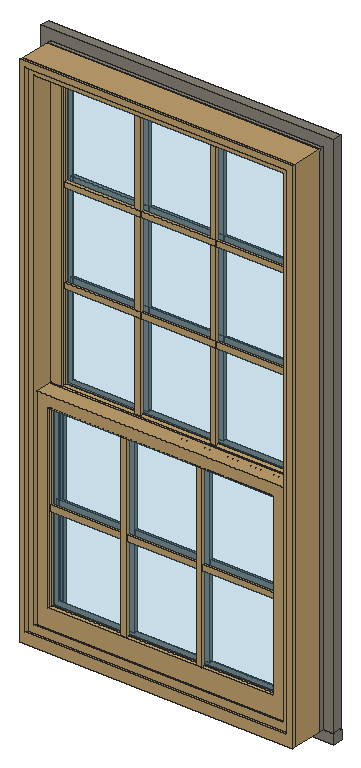
Revit family
Parameters (values of type "CUDH-NG3036/24")
  Standard Glass Height = not(Custom Glass Height)  # yes
  Muntins Interior Material = Wood-Marvin-Pine
  Muntins Exterior Material = Aluminum-Marvin-Bronze
  Interior Material = Wood-Marvin-Pine
  Frame = "Aluminum Clad"
  Egress Window = if(and(and(Clear Opening Width > 1' 8", Clear Opening Height > 2' 0"), Egress Area > 5.70 SF), "Yes", "No")  # "No"
  Cladding Material = Aluminum-Marvin-Bronze
  C_Ratio Constraint = if(Custom Ratio < 0.1, 0.1, if(Custom Ratio > 0.9, 0.9, Custom Ratio))  # 0.4
  Custom Glass Height = no
  Note to User_Custom Ratio = "Enter number between 0.10 and 0.90"  # constant formula
  Custom Ratio = 0.4
  Actual Ratio = if(Option Choice = 1, 0.4, if(Option Choice = 2, 0.6, C_Ratio Constraint))  # 0.6
  Cottage (0.40) Option 1 = Option Choice = 1  # no
  Reverse Cottage (0.60) Option 2 = Option Choice = 2  # yes
  Custom Ratio Option 3 = Option Choice = 3  # no
  Note to User_Option Choice = "Enter Option Choice 1-3"  # constant formula
  Option Choice = 2
  Option Choice Constraint = if(Option Choice > 3, 3, if(Option Choice < 1, 1, Option Choice))  # 2
  Window Type = "Clad Ultimate Double Hung-NG Cottage Style"
  Void Offset_S = if(Subsill A217 Visibility, 0' 1 11/32", if(Subsill A246 Visibility, 0' 0 9/16", 0' 0"))  # 0' - 1 11/32"
  Void Offset = if(Flat Casing Visibility, 0' 3", if(BMC Visibility, 0' 1 5/16", 0' 0"))  # 0' - 1 5/16"
  URL = "www.marvin.com"
  Subsill Height = if(Subsill A217 Visibility, 0' 1 11/32", 0' 0 9/16")  # 0' - 1 11/32"
  Subsill A246 Visibility = and(Subsill Visibility, Subsill A246)  # no
  Subsill A217 Visibility = and(Subsill Visibility, Subsill A217)  # yes
  Rough Width = Width + 0' 1"  # 3' - 0 1/4"
  Rough Height = Height + 0' 0 1/2"  # 5' - 8"
  Prairie Corner Width = 0' - 4"
  Prairie Corner Height = 0' - 4"
  Nominal Width = 3' - 0"
  Nominal Height = 5' - 8"
  Muntins Interior Top Sash = yes
  Muntins Interior Bottom Sash = yes
  Muntins Exterior Top Sash = yes
  Muntins Exterior Bottom Sash = yes
  Model CUDH-NG####/## = Glass Width_Calc * 10000 + Glass Top Sash * 100 + Glass Bottom Sash  # 303624
  Model = "CUDH-NG3036/24"
  Manufacturer = "Marvin Windows and Doors"
  Lites Wide Top Sash = 3
  Lites Wide Bottom Sash = 3
  Lites High Top Sash = 3
  Lites High Bottom Sash = 2
  Lite Cut Prairie 9 = no
  Lite Cut HV Grid = not(Lite Cut Prairie 9)  # yes
  Flat Casing Visibility = and(Casing Visibility, Flat Casing)  # no
  Egress Area = Clear Opening Width * Clear Opening Height  # 4.97377 SF
  Clear Opening Width = DLO Width + 0' 2 29/32"  # 2' - 7 21/32"
  Clear Opening Height = if(DLO Height Top Sash < DLO Height Bottom Sash, DLO Height Top Sash - 0' 0 1/8", DLO Height Bottom Sash - 0' 0 1/8")  # 1' - 10 5/8"
  Casing Visibility = yes
  BMC Visibility = and(Casing Visibility, BMC)  # yes
  BMC = yes
  Flat Casing = not(BMC)  # no
  Subsill Visibility = yes
  Subsill A246 = no
  Subsill A217 = not(Subsill A246)  # yes
  Label Visibility = no
  Label Egress = if(and(and(Clear Opening Width > 1' 8", Clear Opening Height > 2' 0"), Egress Area > 5.70 SF), "EGRESS WDW", "")  # ""
  Jamb Extension Visibility = yes
  Inset to Installation Flange [instance] = 0' - 1"
  Height = Nominal Height - 0' 0 1/2"  # 5' - 7 1/2"
  Glazing Material = Glass-Marvin-IG Low E II with Argon
  Glass Type = "IG Low E II with Argon"
  Family created by = "www.rbuiltcomponents.com"
  Design Pressure = "DP50"
  Description = "3668 DBHG CTTG"
  Default Head Height = 8' - 0"
  Wall Closure = (empty or 0)
  Width = Nominal Width - 0' 0 3/4"  # 2' - 11 1/4"
  Daylight Area = DLO Width * DLO Height  # 11.48 SF
  DLO Width = Width - 0' 6 1/2"  # 2' - 4 3/4"
  DLO Height = Height - 0' 10"  # 4' - 9 1/2"
  Assembly Code = ""
  DLO Height Top Sash = if(Standard Glass Height, Glass Height Top Sash - 0' 1 1/4", DLO Height * C_Ratio Constraint)  # 2' - 10 3/4"
  DLO Height Bottom Sash = DLO Height - DLO Height Top Sash  # 1' - 10 3/4"
  Glass Height Top Sash = Glass Top Sash / 12 * 1' 0"  # 3' - 0"
  Glass Height Bottom Sash = Glass Bottom Sash / 12 * 1' 0"  # 2' - 0"
  Glass Width_Calc = (DLO Width + 0' 1 1/4") * 12 / 1' 0"  # 30
  Glass Height_Calc = (DLO Height + 0' 2 1/2") * 12 / 1' 0"  # 60
  Glass Top_Calc = Glass Height_Calc * Actual Ratio  # 36
  Glass Top Sash = if(Glass Top_Calc < 13, 12, if(Glass Top_Calc < 15, 14, if(Glass Top_Calc < 17, 16, if(Glass Top_Calc < 19, 18, if(Glass Top_Calc < 21, 20, if(Glass Top_Calc < 23, 22, if(Glass Top_Calc < 25, 24, if(Glass Top_Calc < 27, 26, if(Glass Top_Calc < 29, 28, if(Glass Top_Calc < 31, 30, if(Glass Top_Calc < 33, 32, if(Glass Top_Calc < 35, 34, if(Glass Top_Calc < 38, 36, if(Glass Top_Calc < 41, 40, if(Glass Top_Calc < 46, 42, if(Glass Top_Calc < 53, 50, 56))))))))))))))))  # 36
  Glass Bottom Sash = Glass Height_Calc - Glass Top Sash  # 24
Reference planes (in)
  plane 1 "Center (Front/Back)": y = 0
  plane 2: z = 0
  plane 3 "Center (Left/Right)": x = 0
  plane 4 "Left": x = -17.625
  plane 5 "Right": x = 17.625
  plane 6 "Sill": z = 28.5
  plane 7 "Top": z = 96
  plane 8 "Inset": y = 2
  plane 9 "Glazing 1": y = 1.4375
  plane 10 "Glazing 2": y = -0.8125
  plane 11 "Jamb Ext Face": y = -2.5625
  plane 12: z = 92.78125
  plane 13: x = 14.375
  plane 14: x = -14.375
  plane 15: z = 33.34375
  plane 16: z = 58.03125
  plane 17: z = 56.09375
  plane 18: y = -2.59375
  plane 19 "Void Offset": z = 97.3125
  plane 20 "Void Offset Sill": z = 27.15625
  plane 21: x = 18.9375
  plane 22: x = -18.9375
  plane 23: y = 0.46875
  plane 24: y = -1.78125
Forms (in)
  Sweep 1, solid, material "Aluminum-Marvin-Bronze" <- "Cladding Material"
    path origin (0, -0.8125, 0) x (1, 0, 0) y (0, 0, 1)
      loop
        line (17.03125, 28.5) -> (-17.03125, 28.5)
    profile "Clad Sill : Clad Sill" origin (0, -0.8125, 28.5) x (0, 0, -1) y (0, -1, 0)
      loop
        line (0, 0) -> (-1.56284, 0) -> (-0.80316, -3.04687) -> (-0.72218, -3.04687) -> (-0.59375, -3.90625) -> (0, -3.90625) -> (0, 0)
  Sweep 2, solid, material "Aluminum-Marvin-Bronze" <- "Cladding Material"
    path origin (0, 1.4375, 0) x (1, 0, 0) y (0, 0, 1)
      loop
        line (-17.625, 28.5) -> (-17.625, 96) -> (17.625, 96) -> (17.625, 28.5)
    profile "Clad Frame : Clad Frame" origin (-17.625, 1.4375, 62.25) x (-1, 0, 0) y (0, -1, 0)
      loop
        line (0, -1.65625) -> (0, 0) -> (-1.5, 0) -> (-1.5, -0.4375) -> (-1.78125, -0.4375) -> (-1.78125, -0.78125) -> (-0.9375, -0.78125) -> (-0.9375, -1.1875) -> (-0.66381, -1.1875) -> (-0.59375, -1.65625) -> (0, -1.65625)
  Sweep 3, solid, material "Wood-Marvin-Pine" <- "Interior Material"
    path origin (0, -0.8125, 0) x (1, 0, 0) y (0, 0, 1)
      loop
        line (16.125, 28.5) -> (-16.125, 28.5)
    profile "Sill interior : Sill interior" origin (0, -0.8125, 28.5) x (0, 0, -1) y (0, -1, 0)
      loop
        line (0, 0) -> (0, 1.75) -> (-2.22769, 1.75) -> (-2.22769, 1.5) -> (-1.6875, 1.5) -> (-1.6875, 0.5) -> (-1.56284, 0) -> (0, 0)
  Sweep 4, solid, material "Aluminum-Marvin-Bronze" <- "Cladding Material"
    path origin (0, 1.4375, 0) x (1, 0, 0) y (0, 0, 1)
      loop
        line (-14.375, 92.78125) -> (-14.375, 58.03125) -> (14.375, 58.03125) -> (14.375, 92.78125) -> (-14.375, 92.78125)
    profile "Clad Sash : Clad Sash" origin (-14.375, 1.4375, 75.40625) x (1, 0, 0) y (0, -1, 0)
      loop
        line (-1.65625, 0) -> (-1.65625, -0.34375) -> (-0.1875, -0.34375) -> (-0.1875, -0.19262) -> (0, -0.03595) -> (0, 0) -> (-1.65625, 0)
  Sweep 5, solid, material "Wood-Marvin-Pine" <- "Interior Material"
    path origin (0, 1.4375, 0) x (1, 0, 0) y (0, 0, 1)
      loop
        line (-14.375, 58.03125) -> (14.375, 58.03125) -> (14.375, 92.78125) -> (-14.375, 92.78125) -> (-14.375, 58.03125)
    profile "Sash 2 : Sash 2" origin (-14.375, 1.4375, 75.40625) x (-1, 0, 0) y (0, -1, 0)
      loop
        line (1.65625, 1.40625) -> (0.21901, 1.40625) -> (0.21901, 1.33933) -> (0, 1.12032) -> (0, 0.96875) -> (0.75, 0.96875) -> (0.75, 0) -> (1.65625, 0) -> (1.65625, 1.40625)
  Sweep 6, solid, material "Wood-Marvin-Pine" <- "Interior Material"
    path origin (0, -0.8125, 0) x (1, 0, 0) y (0, 0, 1)
      loop
        line (-14.375, 33.34375) -> (14.375, 33.34375) -> (14.375, 56.09375) -> (-14.375, 56.09375) -> (-14.375, 33.34375)
    profile "Sash 2 : Sash 2" origin (-14.375, -0.8125, 44.71875) x (-1, 0, 0) y (0, -1, 0)
      loop
        line (1.65625, 1.40625) -> (0.21901, 1.40625) -> (0.21901, 1.33933) -> (0, 1.12032) -> (0, 0.96875) -> (0.75, 0.96875) -> (0.75, 0) -> (1.65625, 0) -> (1.65625, 1.40625)
  Sweep 7, solid, material "Aluminum-Marvin-Bronze" <- "Cladding Material"
    path origin (0, -0.8125, 0) x (1, 0, 0) y (0, 0, 1)
      loop
        line (-14.375, 33.34375) -> (14.375, 33.34375) -> (14.375, 56.09375) -> (-14.375, 56.09375) -> (-14.375, 33.34375)
    profile "Clad Sash : Clad Sash" origin (-14.375, -0.8125, 44.71875) x (-1, 0, 0) y (0, -1, 0)
      loop
        line (1.65625, 0) -> (0, 0) -> (0, -0.03595) -> (0.1875, -0.19262) -> (0.1875, -0.34375) -> (1.65625, -0.34375) -> (1.65625, 0)
  Sweep 8, solid, material "Aluminum-Marvin-Bronze" <- "Cladding Material"
    path in 3D
      loop
        line (16.03125, -0.46875, 31.6875) -> (-16.03125, -0.46875, 31.6875)
    profile "Clad Sash bottom ext : Clad Sash bottom ext" origin (0, -0.46875, 31.6875) x (0, 1, 0) y (0, 0, -1)
      loop
        line (-0.34375, 1.28125) -> (-0.34375, 0) -> (0, 0) -> (0, 1.62985) -> (-0.25, 1.56752) -> (-0.25, 1.28125) -> (-0.34375, 1.28125)
  Sweep 9, solid, material "Wood-Marvin-Pine" <- "Interior Material"
    path in 3D
      loop
        line (16.03125, -0.8125, 31.6875) -> (-16.03125, -0.8125, 31.6875)
    profile "Sash bottom ext : Sash bottom ext" origin (0, -0.8125, 31.6875) x (0, 1, 0) y (0, 0, -1)
      loop
        line (-1.40625, 1.28125) -> (-1.40625, 0) -> (0, 0) -> (0, 1.28125) -> (-1.40625, 1.28125)
  Sweep 10, solid, material "Aluminum-Marvin-Bronze" <- "Cladding Material"
    path in 3D
      loop
        line (16.03125, 0.03125, 56.375) -> (-16.03125, 0.03125, 56.375)
    profile "Clad Checkrail : Clad Checkrail" origin (0, 0.03125, 56.375) x (0, 1, 0) y (0, 0, -1)
      loop
        line (-0.39063, -0.4375) -> (0, -0.4375) -> (0, 0) -> (1.75, 0) -> (1.75, 0.09375) -> (-0.39063, 0.09375) -> (-0.39063, -0.4375)
  Sweep 11, solid, material "Wood-Marvin-Pine" <- "Interior Material"
    path in 3D
      loop
        line (-16.03125, -0.46875, 57.75) -> (16.03125, -0.46875, 57.75)
    profile "Checkrail Inner : Checkrail Inner" origin (0, -0.46875, 57.75) x (0, 1, 0) y (0, 0, 1)
      loop
        line (0, -0.9375) -> (0.5, -0.9375) -> (0.5, 0.0625) -> (0.375, 0.0625) -> (0.375, 0) -> (0.28125, 0) -> (0.28125, 0.0625) -> (-1.75, 0.0625) -> (-1.75, 0) -> (0, 0) -> (0, -0.9375)
  Extrusion 12, solid, material "Wood-Marvin-Pine" <- "Interior Material"
    sketch origin (0, 1.4375, 0) x (1, 0, 0) y (0, 0, 1)
      loop
        line (17.625, 28.5) -> (17.625, 96) -> (-17.625, 96) -> (-17.625, 28.5) -> (-16.125, 28.5) -> (-16.125, 94.5) -> (16.125, 94.5) -> (16.125, 28.5) -> (17.625, 28.5)
    from 0 to 4
  Extrusion 13, solid, material "Glass-Marvin-IG Low E II with Argon" <- "Glazing Material"
    sketch origin (0, 1.4375, 0) x (1, 0, 0) y (0, 0, 1)
      loop
        line (14.875, 93.28125) -> (-14.875, 93.28125) -> (-14.875, 57.53125) -> (14.875, 57.53125) -> (14.875, 93.28125)
    from 0 to 0.15625
  Extrusion 14, solid, material "Glass-Marvin-IG Low E II with Argon" <- "Glazing Material"
    sketch origin (0, 1.4375, 0) x (1, 0, 0) y (0, 0, 1)
      loop
        line (14.875, 93.28125) -> (-14.875, 93.28125) -> (-14.875, 57.53125) -> (14.875, 57.53125) -> (14.875, 93.28125)
    from 0.8125 to 0.96875
  Extrusion 15, solid, material "Glass-Marvin-IG Low E II with Argon" <- "Glazing Material"
    sketch origin (0, -0.8125, 0) x (1, 0, 0) y (0, 0, 1)
      loop
        line (14.875, 56.59375) -> (-14.875, 56.59375) -> (-14.875, 32.84375) -> (14.875, 32.84375) -> (14.875, 56.59375)
    from 0 to 0.15625
  Extrusion 16, solid, material "Glass-Marvin-IG Low E II with Argon" <- "Glazing Material"
    sketch origin (0, -0.8125, 0) x (1, 0, 0) y (0, 0, 1)
      loop
        line (14.875, 56.59375) -> (-14.875, 56.59375) -> (-14.875, 32.84375) -> (14.875, 32.84375) -> (14.875, 56.59375)
    from 0.8125 to 0.96875
  Extrusion 17, solid, material "Wood-Marvin-Pine" <- "Interior Material", visible <- "Jamb Extension Visibility", detail levels medium+fine
    sketch origin (0, -2.3125, 0) x (1, 0, 0) y (0, 0, 1)
      loop
        line (-17.625, 96) -> (-17.625, 28.5) -> (17.625, 28.5) -> (17.625, 96) -> (-17.625, 96)
      loop
        line (-16.9375, 95.3125) -> (-16.9375, 29.8125) -> (16.9375, 29.8125) -> (16.9375, 95.3125) -> (-16.9375, 95.3125)
    from 0.28125 to 0.6875
  Extrusion 18, solid, material "Aluminum-Marvin-Bronze" <- "Cladding Material"
    sketch origin (0, 1.4375, 0) x (1, 0, 0) y (0, 0, 1)
      loop
        line (16.125, 57.0625) -> (16.07181, 57.0625) -> (16.07181, 29.24956) -> (16.125, 29.24956) -> (16.125, 57.0625)
      loop
        line (-16.125, 57.0625) -> (-16.125, 29.24956) -> (-16.07181, 29.24956) -> (-16.07181, 57.0625) -> (-16.125, 57.0625)
    from 0 to 2.25
  Extrusion 19, void
    sketch origin (0, 0, 28.5) x (0, -1, 0) y (1, 0, 0)
      loop
        line (-2, -17.625) -> (3, -17.625) -> (3, 17.625) -> (-2, 17.625) -> (-2, -17.625)
    from 67.5 to 0
  Extrusion 20, void
    sketch origin (0, 0, 28.5) x (0, -1, 0) y (1, 0, 0)
      loop
        line (-3.125, -18.9375) -> (-2, -18.9375) -> (-2, 18.9375) -> (-3.125, 18.9375) -> (-3.125, -18.9375)
    from 68.8125 to -1.34375
Cuts and joins
  joined: Sweep 1, Sweep 2, Extrusion 18
  joined: Sweep 7, Sweep 8
  joined: Sweep 5, Sweep 6, Sweep 9, Sweep 11
  joined: Sweep 4, Sweep 10
  joined: Sweep 3, Extrusion 12
Lines and regions (in)
  Masking region 1
    outline origin (0, 0, 28.5) x (0, -1, 0) y (1, 0, 0)
      loop
        line (-3.09375, -17.625) -> (2.5625, -17.625) -> (2.5625, 17.625) -> (-3.09375, 17.625) -> (-3.09375, -17.625)
  Masking region 2
    outline origin (0, 0, 0) x (0, 1, 0) y (0, 0, 1)
      loop
        line (3.09375, 96) -> (-2.5625, 96) -> (-2.5625, 28.5) -> (3.09375, 28.5) -> (3.09375, 96)
  Masking region 3, visible <- "Jamb Extension Visibility"
    outline origin (0, 0, 0) x (0, 1, 0) y (0, 0, 1)
      loop
        line (-2.59375, 96) -> (-3, 96) -> (-3, 28.5) -> (-2.59375, 28.5) -> (-2.59375, 96)
  Masking region 4, visible <- "Jamb Extension Visibility"
    outline origin (0, 0, 28.5) x (0, -1, 0) y (1, 0, 0)
      loop
        line (2.59375, -17.625) -> (3, -17.625) -> (3, 17.625) -> (2.59375, 17.625) -> (2.59375, -17.625)
  symbolic lines, style "Jamb Extension", visible <- "Jamb Extension Visibility", detail levels fine
    curve 1: line (-16.9375, -2.59375, 28.5) -> (-16.9375, -3, 28.5)
    curve 2: line (16.9375, -3, 28.5) -> (16.9375, -2.59375, 28.5)
    curve 3: line (0, -2.59375, 95.3125) -> (0, -3, 95.3125)
    curve 4: line (0, -2.59375, 29.816) -> (0, -3, 29.816)
    curve 51: line (-16.9375, -3, 0) -> (-17.625, -3, 0)
    curve 52: line (16.9375, -3, 0) -> (17.625, -3, 0)
    curve 57: line (0, -3, 29.816) -> (0, -3, 28.5)
    curve 58: line (0, -3, 95.3125) -> (0, -3, 96)
  symbolic lines, style "Jamb Extension", detail levels fine
    curve 5: line (0, -2.59375, 95.31314) -> (0, -2.59375, 96)
  symbolic lines, style "WindowsFrameMullionProjection", detail levels coarse+medium
    curve 6: line (-17.625, 3.09375, 28.5) -> (-16.125, 3.09375, 28.5)
    curve 7: line (-16.125, 3.09375, 28.5) -> (-16.125, -2.5625, 28.5)
    curve 8: line (-16.125, -2.5625, 28.5) -> (-17.625, -2.5625, 28.5)
    curve 9: line (17.625, 3.09375, 28.5) -> (16.125, 3.09375, 28.5)
    curve 10: line (16.125, 3.09375, 28.5) -> (16.125, -2.5625, 28.5)
    curve 11: line (16.125, -2.5625, 28.5) -> (17.625, -2.5625, 28.5)
    curve 12: line (-14.375, -0.46875, 28.5) -> (14.38, -0.46875, 28.5)
    curve 13: line (14.38, -0.46875, 28.5) -> (16.125, -0.46875, 28.5)
    curve 14: line (-14.375, -2.21875, 28.5) -> (14.38, -2.21875, 28.5)
    curve 15: line (14.38, -0.46875, 28.5) -> (14.38, -2.21875, 28.5)
    curve 16: line (14.38, -2.21875, 28.5) -> (16.125, -2.21875, 28.5)
    curve 17: line (-14.375, -0.46875, 28.5) -> (-16.125, -0.46875, 28.5)
    curve 18: line (-14.375, -0.46875, 28.5) -> (-14.375, -2.21875, 28.5)
    curve 19: line (-14.375, -2.21875, 28.5) -> (-16.125, -2.21875, 28.5)
    curve 20: line (0, 3.09375, 96) -> (0, 3.09375, 95.31314)
    curve 21: line (0, 3.09375, 95.31314) -> (0, -2.59375, 95.31314)
    curve 22: line (0, -2.5625, 95.31314) -> (0, -2.5625, 96)
    curve 23: line (0, 3.09375, 28.5) -> (0, 3.09375, 29.0889)
    curve 24: line (0, 3.09375, 29.0889) -> (0, -1.3125, 30.1875)
    curve 25: line (0, -2.5625, 30.1875) -> (0, -2.5625, 28.5)
    curve 26: line (0, -1.3125, 30.1875) -> (0, -2.5625, 30.1875)
    curve 27: line (0, -0.46875, 33.34375) -> (0, -0.46875, 56.09375)
    curve 28: line (0, -2.21875, 33.34375) -> (0, -2.21875, 56.09375)
    curve 29: line (0, -0.46875, 29.97713) -> (0, -0.46875, 33.34375)
    curve 30: line (0, -0.46875, 33.34375) -> (0, -2.21875, 33.34375)
    curve 31: line (0, -2.21875, 33.34375) -> (0, -2.21875, 30.1875)
    curve 32: line (0, -0.46875, 56.09375) -> (0, -0.46875, 56.28125)
    curve 33: line (0, -0.1875, 57.8125) -> (0, -2.21875, 57.8125)
    curve 34: line (0, -2.21875, 57.8125) -> (0, -2.21875, 56.09375)
    curve 35: line (0, -0.46875, 56.09375) -> (0, -2.21875, 56.09375)
    curve 37: line (0, 1.78125, 58.03125) -> (0, 1.78125, 92.78125)
    curve 38: line (0, 0.03125, 92.78125) -> (0, 0.03125, 58.03125)
    curve 39: line (0, 1.78125, 95.31314) -> (0, 1.78125, 92.78125)
    curve 40: line (0, 0.03125, 92.78125) -> (0, 0.03125, 95.31314)
    curve 41: line (0, 0.03125, 92.78125) -> (0, 1.78125, 92.78125)
    curve 42: line (0, 1.78125, 58.03125) -> (0, 0.03125, 58.03125)
    curve 43: line (0, 0.03125, 58.03125) -> (0, 0.03125, 57.81224)
    curve 44: line (0, -0.09375, 56.28125) -> (0, 1.78125, 56.28125)
    curve 45: line (0, 1.78125, 56.28125) -> (0, 1.78125, 58.03125)
    curve 47: line (0, -0.09375, 56.28125) -> (0, -0.09375, 57.81224)
    curve 48: line (0, -0.09375, 57.81224) -> (0, 0.03125, 57.81224)
    curve 49: line (0, -0.1875, 56.28125) -> (0, -0.1875, 57.8125)
    curve 50: line (0, -0.1875, 56.28125) -> (0, -0.46875, 56.28125)
    curve 68: line (0, 3.09375, 96) -> (0, -3, 96)
    curve 69: line (0, 3.09375, 28.5) -> (0, -3, 28.5)
    curve 70: line (-17.625, 3.09375, 28.5) -> (-17.625, -2.5625, 28.5)
    curve 71: line (17.625, 3.09375, 28.5) -> (17.625, -2.5625, 28.5)
  symbolic lines, style "WindowsGlassProjection", detail levels coarse+medium
    curve 36: line (0, -1.34375, 56.09375) -> (0, -1.34375, 33.34375)
    curve 46: line (0, 0.90625, 58.03125) -> (0, 0.90625, 92.78125)
    curve 67: line (-14.375, -1.34375, 28.5) -> (14.38, -1.34375, 28.5)
  symbolic lines, style "WindowsFrameMullionProjection", visible <- "Jamb Extension Visibility", detail levels coarse+medium
    curve 53: line (-17.625, -3, 0) -> (-16.9375, -3, 0)
    curve 54: line (-16.9375, -3, 0) -> (-16.9375, -2.59375, 0)
    curve 55: line (17.625, -3, 0) -> (16.9375, -3, 0)
    curve 56: line (16.9375, -3, 0) -> (16.9375, -2.59375, 0)
    curve 59: line (0, -2.59375, 29.8125) -> (0, -3, 29.8125)
    curve 60: line (0, -3, 29.8125) -> (0, -3, 28.5)
    curve 61: line (0, -2.59375, 95.3125) -> (0, -3, 95.3125)
    curve 62: line (0, -3, 95.3125) -> (0, -3, 96)
  sketch lines
    curve 63: line (16.03125, -0.46875, 31.6875) -> (-16.03125, -0.46875, 31.6875)
    curve 64: line (16.03125, -0.8125, 31.6875) -> (-16.03125, -0.8125, 31.6875)
    curve 65: line (-16.03125, -0.46875, 57.75) -> (16.03125, -0.46875, 57.75)
    curve 66: line (16.03125, 0.03125, 56.375) -> (-16.03125, 0.03125, 56.375)
Text (in)
  text "EXTERIOR" at (-58.6888, 50.90694, 0), in view "Ref. Level"
  text "INTERIOR" at (-58.6888, -37.76638, 0), in view "Ref. Level"
  text "Exterior" at (0, 43.65631, 123.19604), in view "Left"
  text "Exterior" at (0, 18.29385, 125.04747), in view "Right"
Dimensions and locks (in)
  equal spacing: plane 4 "Left", plane 3 "Center (Left/Right)", plane 5 "Right"
  "Width": plane 4 "Left" to plane 5 "Right"
  "Height": plane 6 "Sill" to plane 7 "Top"
  "Default Head Height": level to plane 7 "Top"
  "Inset to Installation Flange": host wall to plane 8 "Inset"
  locked: plane 9 "Glazing 1" to plane 8 "Inset" at 0.5625
  locked: plane 10 "Glazing 2" to plane 8 "Inset" at 2.8125
  locked: plane 11 "Jamb Ext Face" to plane 8 "Inset" at 4.5625
  locked: plane 12 to plane 7 "Top" at 3.21875
  locked: plane 6 "Sill" to plane 15 at 4.84375
  locked: plane 4 "Left" to plane 14 at 3.25
  locked: plane 13 to plane 5 "Right" at 3.25
  locked: plane 17 to plane 16 at 1.9375
  locked: plane 13 to Extrusion 13 sketch curve at 0.5
  locked: Extrusion 13 sketch curve to plane 14 at 0.5
  locked: plane 12 to Extrusion 13 sketch curve at 0.5
  locked: Extrusion 13 sketch curve to plane 16 at 0.5
  locked: plane 13 to Extrusion 15 sketch curve at 0.5
  locked: plane 17 to Extrusion 15 sketch curve at 0.5
  locked: Extrusion 15 sketch curve to plane 15 at 0.5
  locked: Extrusion 15 sketch curve to plane 14 at 0.5
  locked: Sweep 1 sketch curve to plane 5 "Right" at 0.59375
  locked: plane 4 "Left" to Sweep 1 sketch curve at 0.59375
  locked: plane 4 "Left" to Extrusion 17 sketch curve at 0.6875
  locked: plane 7 "Top" to Extrusion 17 sketch curve at 0.6875
  locked: Extrusion 17 sketch curve to plane 6 "Sill" at 1.3125
  locked: Extrusion 17 sketch curve to plane 5 "Right" at 0.6875
  locked: Extrusion 12 sketch curve to plane 5 "Right" at 1.5
  locked: Extrusion 12 sketch curve to plane 4 "Left" at 1.5
  locked: Extrusion 12 sketch curve to plane 7 "Top" at 1.5
  locked: Extrusion 18 sketch curve to Extrusion 18 sketch curve at 0.05319  (x2)
  locked: plane 6 "Sill" to Extrusion 18 sketch curve at 0.74956  (x2)
  locked: nested 3 to host wall at 12
  locked: Extrusion 16 sketch curve to plane 17 at 0.5
  locked: plane 15 to Extrusion 16 sketch curve at 0.5
  locked: Extrusion 16 sketch curve to plane 14 at 0.5
  locked: plane 13 to Extrusion 16 sketch curve at 0.5
  locked: Extrusion 14 sketch curve to plane 12 at 0.5
  locked: plane 16 to Extrusion 14 sketch curve at 0.5
  locked: Extrusion 14 sketch curve to plane 14 at 0.5
  locked: plane 13 to Extrusion 14 sketch curve at 0.5
  locked: plane 18 to plane 11 "Jamb Ext Face" at 0.03125
  "Void Offset": plane 7 "Top" to plane 19 "Void Offset"
  "Void Offset_S": plane 20 "Void Offset Sill" to plane 6 "Sill"
  "Void Offset": plane 22 to plane 4 "Left"
  "Void Offset": plane 5 "Right" to plane 21
  locked: Extrusion 20 sketch curve to host wall at 0.125
  locked: plane 23 to plane 9 "Glazing 1" at 0.96875
  locked: plane 24 to plane 10 "Glazing 2" at 0.96875
  locked: Extrusion 14 to plane 23 at 0.15625
  locked: plane 9 "Glazing 1" to Extrusion 13 at 0.15625
  locked: plane 10 "Glazing 2" to Extrusion 15 at 0.15625
  locked: Extrusion 16 to plane 24 at 0.15625
  curve 47 to curve 49 to plane 10 "Glazing 2" = 0' - 0 3/32" locked, 0' - 0 5/8" locked
  "DLO Height Top Sash": plane 16 to plane 12
  aligned and locked: nested 1 to plane 3 "Center (Left/Right)"
  aligned and locked: plane 8 "Inset" to nested 1
  aligned and locked: plane 6 "Sill" to Sweep 1 sketch curve
  aligned and locked: plane 4 "Left" to Sweep 2 sketch curve
  aligned and locked: Sweep 2 sketch curve to plane 7 "Top"
  aligned and locked: Sweep 2 sketch curve to plane 5 "Right"
  aligned and locked: plane 6 "Sill" to Sweep 2 sketch curve  (x2)
  aligned and locked: plane 6 "Sill" to Sweep 3 sketch curve
  aligned and locked: Sweep 4 sketch curve to plane 14
  aligned and locked: plane 12 to Sweep 4 sketch curve
  aligned and locked: plane 13 to Sweep 4 sketch curve
  aligned and locked: plane 16 to Sweep 4 sketch curve
  aligned and locked: plane 14 to Sweep 5 sketch curve
  aligned and locked: Sweep 5 sketch curve to plane 12
  aligned and locked: Sweep 5 sketch curve to plane 13
  aligned and locked: Sweep 5 sketch curve to plane 16
  aligned and locked: plane 14 to Sweep 6 sketch curve
  aligned and locked: plane 17 to Sweep 6 sketch curve
  aligned and locked: Sweep 6 sketch curve to plane 13
  aligned and locked: plane 15 to Sweep 6 sketch curve
  aligned and locked: plane 14 to Sweep 7 sketch curve
  aligned and locked: plane 17 to Sweep 7 sketch curve
  aligned and locked: Sweep 7 sketch curve to plane 13
  aligned and locked: plane 15 to Sweep 7 sketch curve
  aligned and locked: plane 5 "Right" to Extrusion 12 sketch curve
  aligned and locked: Extrusion 12 sketch curve to plane 4 "Left"
  aligned and locked: plane 7 "Top" to Extrusion 12 sketch curve
  aligned and locked: plane 11 "Jamb Ext Face" to Extrusion 12
  aligned and locked: Extrusion 17 sketch curve to plane 4 "Left"
  aligned and locked: plane 7 "Top" to Extrusion 17 sketch curve
  aligned and locked: plane 5 "Right" to Extrusion 17 sketch curve
  aligned and locked: Extrusion 17 sketch curve to plane 6 "Sill"
  aligned and locked: host wall to Extrusion 17
  aligned and locked: Masking region 1 sketch curve to plane 4 "Left"
  aligned and locked: plane 5 "Right" to Masking region 1 sketch curve
  aligned and locked: plane 7 "Top" to Masking region 2 sketch curve
  aligned and locked: Masking region 2 sketch curve to plane 6 "Sill"
  aligned and locked: Extrusion 17 to curve 5
  aligned and locked: plane 6 "Sill" to nested 2
  aligned and locked: curve 44 to curve 50
  aligned and locked: plane 10 "Glazing 2" to Extrusion 18
  aligned and locked: Extrusion 12 sketch curve to plane 6 "Sill"  (x2)
  aligned and locked: Extrusion 12 to plane 9 "Glazing 1"
  aligned and locked: cut or joined group of Sweep 1, Sweep 2, Extrusion 18 to plane 9 "Glazing 1"
  aligned and locked: plane 11 "Jamb Ext Face" to curve 11
  aligned and locked: plane 14 to curve 18
  aligned and locked: host wall to curve 1
  aligned and locked: host wall to curve 2
  aligned and locked: curve 8 to plane 11 "Jamb Ext Face"
  aligned and locked: plane 4 "Left" to curve 53
  aligned and locked: host wall to curve 53
  aligned and locked: plane 5 "Right" to curve 55
  aligned and locked: curve 55 to host wall
  aligned and locked: host wall to curve 4
  aligned and locked: plane 6 "Sill" to curve 57
  aligned and locked: curve 60 to host wall
  aligned and locked: plane 7 "Top" to curve 58
  aligned and locked: host wall to curve 58
  aligned and locked: plane 7 "Top" to curve 22
  aligned and locked: plane 11 "Jamb Ext Face" to curve 22
  aligned and locked: plane 3 "Center (Left/Right)" to nested 3
  aligned and locked: Extrusion 15 to plane 10 "Glazing 2"
  aligned and locked: Extrusion 13 to plane 9 "Glazing 1"
  aligned and locked: Extrusion 17 to curve 3
  aligned and locked: Extrusion 17 to curve 1
  aligned and locked: Extrusion 17 to curve 54
  aligned and locked: Extrusion 17 to curve 2
  aligned and locked: Extrusion 17 to curve 56
  aligned and locked: curve 25 to plane 11 "Jamb Ext Face"
  aligned and locked: Extrusion 17 to curve 4
  aligned and locked: Extrusion 17 to curve 59
  aligned and locked: Extrusion 17 to plane 18
  aligned and locked: Masking region 2 sketch curve to plane 11 "Jamb Ext Face"
  aligned and locked: plane 7 "Top" to Masking region 3 sketch curve
  aligned and locked: Masking region 3 sketch curve to plane 6 "Sill"
  aligned and locked: plane 18 to Masking region 3 sketch curve
  aligned and locked: Masking region 3 sketch curve to host wall
  aligned and locked: Extrusion 17 to curve 61
  aligned and locked: Masking region 1 sketch curve to plane 11 "Jamb Ext Face"
  aligned and locked: Masking region 4 sketch curve to plane 4 "Left"
  aligned and locked: plane 5 "Right" to Masking region 4 sketch curve
  aligned and locked: plane 18 to Masking region 4 sketch curve
  aligned and locked: Masking region 4 sketch curve to host wall
  aligned and locked: Extrusion 19 sketch curve to host wall
  aligned and locked: Extrusion 19 sketch curve to plane 4 "Left"
  aligned and locked: plane 5 "Right" to Extrusion 19 sketch curve
  aligned and locked: plane 8 "Inset" to Extrusion 19 sketch curve
  aligned and locked: Extrusion 19 to plane 7 "Top"
  aligned and locked: plane 6 "Sill" to Extrusion 19
  aligned and locked: Extrusion 20 sketch curve to plane 22
  aligned and locked: plane 21 to Extrusion 20 sketch curve
  aligned and locked: Extrusion 20 sketch curve to plane 8 "Inset"
  aligned and locked: Extrusion 20 to plane 19 "Void Offset"
  aligned and locked: plane 20 "Void Offset Sill" to Extrusion 20
  aligned and locked: plane 3 "Center (Left/Right)" to nested 4
  aligned and locked: plane 8 "Inset" to nested 4
  aligned and locked: nested 4 to plane 6 "Sill"
  aligned and locked: nested 6 to plane 17
  aligned and locked: plane 12 to nested 7
  aligned and locked: plane 12 to nested 8
  aligned and locked: nested 5 to plane 17
  aligned and locked: curve 26 to Sweep 3
  aligned and locked: curve 21 to nested 2
  aligned and locked: plane 23 to Extrusion 14
  aligned and locked: plane 24 to Extrusion 16
  aligned and locked: curve 7 to nested 1
  aligned and locked: curve 17 to nested 1
  aligned and locked: curve 19 to nested 1
  aligned and locked: curve 10 to nested 1
  aligned and locked: curve 6 to nested 1
  aligned and locked: curve 9 to nested 1
  aligned and locked: curve 1 to Extrusion 17
  aligned and locked: curve 54 to Extrusion 17
  aligned and locked: curve 2 to Extrusion 17
  aligned and locked: curve 56 to Extrusion 17
  aligned and locked: Masking region 1 sketch curve to cut or joined group of Sweep 1, Sweep 2, Extrusion 18
  aligned and locked: Masking region 2 sketch curve to cut or joined group of Sweep 1, Sweep 2, Extrusion 18
  aligned and locked: curve 20 to cut or joined group of Sweep 1, Sweep 2, Extrusion 18
  aligned and locked: curve 23 to cut or joined group of Sweep 1, Sweep 2, Extrusion 18
  aligned and locked: curve 43 to cut or joined group of Sweep 5, Sweep 6, Sweep 9, Sweep 11
  aligned and locked: nested 2 to plane 8 "Inset"
  aligned and locked: plane 6 "Sill" to curve 69
  aligned and locked: plane 4 "Left" to curve 70
  aligned and locked: plane 5 "Right" to curve 71
  aligned and locked: plane 9 "Glazing 1" to nested 7
  aligned and locked: nested 8 to plane 23
  aligned and locked: plane 10 "Glazing 2" to nested 6
  aligned and locked: nested 5 to plane 24
Automatic sketch dimensions
  Sweep 3 sketch curve to plane 4 "Left" = 0' - 1 1/2"
  Extrusion 18 sketch curve to plane 4 "Left" = 0' - 1.55319"
  plane 5 "Right" to Sweep 3 sketch curve = 0' - 1 1/2"
  plane 5 "Right" to Extrusion 18 sketch curve = 0' - 1.55319"
  curve 51 to plane 4 "Left" = 0' - 0"
  curve 52 to plane 5 "Right" = 0' - 0"
  curve 67 to plane 24 = 0' - 0 7/16"
  curve 12 to plane 13 = 0' - 0.005"
  curve 30 to plane 15 = 0' - 0"
  curve 28 to plane 17 = 0' - 0"
  curve 46 to plane 16 = 0' - 0"
  curve 46 to plane 12 = 0' - 0"
  curve 30 to plane 11 "Jamb Ext Face" = 0' - 0 11/32"
  curve 36 to plane 24 = 0' - 0 7/16"
  curve 24 to plane 24 = 0' - 0 15/32"
  curve 35 to curve 49 = 0' - 0 9/32"
  curve 46 to plane 23 = 0' - 0 7/16"
  plane 8 "Inset" to curve 45 = 0' - 0 7/32"
  curve 23 to plane 6 "Sill" = 0' - 0.5889"
  curve 60 to curve 25 = 0' - 0 3/8"
  curve 59 to curve 4 = 0' - 0.0035"
  plane 17 to curve 47 = 0' - 0 3/16"
  curve 48 to plane 16 = 0' - 0.21901"
  curve 47 to curve 33 = 0' - 0.00026"
  curve 3 to curve 22 = 0' - 0.00064"
  Extrusion 18 sketch curve to plane 16 = 0' - 0 31/32"  (x2)
Nested families (in)
  nested 1: "Double_Hung_Plan_Detail" at (0, 2, 28.5) x (-1, 0, 0) z (0, 0, -1), type "Double_Hung_Plan_Detail", detail levels fine
    with Width 2' - 11 1/4"
  nested 2: "Double_Hung_Section_Detail" at (0, 2, 64.25) x (0, 1, 0) z (1, 0, 0), type "Double_Hung_Section_Detail", detail levels fine
    with Height 5' - 7 1/2", DLO Height Top Sash 2' - 10 3/4"
  nested 3: "Label Annotation 1-16 w" at (0, 15, 0), visible <- "Label Visibility", type "Label Annotation 1-16 w"
  nested 4: "Casing_Clad" at (0, 2, 28.5), type "Casing_Clad"
    with Width 2' - 11 1/4", Height 5' - 7 1/2"
  nested 5: "Muntins" at (0, -1.78125, -2.65625) x (-1, 0, 0) z (0, 0, 1), Muntin Material <- "Muntins Interior Material", visible <- "Muntins Interior Bottom Sash", type "Muntins 2"
    with MuntinDepth 0' - 0 5/16", Muntin Material Wood-Marvin-Pine, GlazingWidth 2' - 4 3/4", GlazingHeight 1' - 10 3/4", Width 2' - 5 3/16", LitesVertical 2, HorizMuntVisible no, Height 1' - 11 3/16", Inset Vert 0' - 9.35417", Inset Horiz 0' - 7.35417", CenterMuntinHorizontal yes
  nested 6: "Muntins" at (0, -0.8125, -2.65625), Muntin Material <- "Muntins Exterior Material", visible <- "Muntins Exterior Bottom Sash", type "Muntins 2"
    with MuntinDepth 0' - 0 5/16", Muntin Material Aluminum-Marvin-Bronze, GlazingWidth 2' - 4 3/4", GlazingHeight 1' - 10 3/4", Width 2' - 5 3/16", LitesVertical 2, HorizMuntVisible no, Height 1' - 11 3/16", Inset Vert 0' - 9.35417", Inset Horiz 0' - 7.35417", CenterMuntinHorizontal yes
  nested 7: "Muntins" at (0, 1.4375, 22.03125), Muntin Material <- "Muntins Exterior Material", visible <- "Muntins Exterior Top Sash", type "Muntins"
    with MuntinDepth 0' - 0 5/16", Muntin Material Aluminum-Marvin-Bronze, GlazingWidth 2' - 4 3/4", GlazingHeight 2' - 10 3/4", Width 2' - 5 3/16", Height 2' - 11 3/16", Inset Vert 0' - 9.35417", Inset Horiz 0' - 11.35417"
  nested 8: "Muntins" at (0, 0.46875, 22.03125) x (-1, 0, 0) z (0, 0, 1), Muntin Material <- "Muntins Interior Material", visible <- "Muntins Interior Top Sash", type "Muntins"
    with MuntinDepth 0' - 0 5/16", Muntin Material Wood-Marvin-Pine, GlazingWidth 2' - 4 3/4", GlazingHeight 2' - 10 3/4", Width 2' - 5 3/16", Height 2' - 11 3/16", Inset Vert 0' - 9.35417", Inset Horiz 0' - 11.35417"
Definition of nested family "Casing_Clad"
  Parameters (values of type "Casing_Clad")
    Width = 16' - 0"
    Subsill Visibility = yes
    Subsill Offset = if(Flat Casing Visibility, 0' 3", if(BMC Visibility, 0' 1 5/16", 0' 0"))  # 0' - 1 5/16"
    Subsill Height = 0' - 1 11/32"
    Height = 12' - 0"
    Flat Casing Visibility = no
    Cladding Finish = Aluminum-Marvin-Bronze
    Casing Offset = if(BMC Visibility, 0' 0 3/16", 0' 0")  # 0' - 0 3/16"
    BMC Visibility = yes
    Assembly Code = ""
  Reference planes (in)
    plane 1 "Center (Front/Back)": y = 0
    plane 2: z = 0
    plane 3 "Center (Left/Right)": x = 0
    plane 4: z = 144
    plane 5: x = -96
    plane 6: x = 96
    plane 7 "Subsill": z = -1.34375
    plane 8 "Offset S": z = -0.1875
  Forms (in)
    Sweep 1, solid, material "Aluminum-Marvin-Bronze" <- "Cladding Finish", visible <- "BMC Visibility"
      path origin (0, 0, 0) x (1, 0, 0) y (0, 0, 1)
        loop
          line (-96, -0.1875) -> (-96, 144) -> (96, 144) -> (96, -0.1875)
      profile "BMC_Clad : BMC_Clad" origin (96, 0, 71.90625) x (1, 0, 0) y (0, -1, 0)
        loop
          line (0.71589, -1.25) -> (1.3125, -1.25) -> (1.3125, 0) -> (0, 0) -> (0, -1.09375) -> (0.38081, -1.09375) -> (0.71589, -1.25)
    Sweep 2, solid, material "Aluminum-Marvin-Bronze" <- "Cladding Finish", visible <- "Flat Casing Visibility"
      path origin (0, 0, 0) x (1, 0, 0) y (0, 0, 1)
        loop
          line (-96, 0) -> (-96, 144) -> (96, 144) -> (96, 0)
      profile "Flat_Casing_Clad : Flat_Casing_Clad" origin (96, 0, 72) x (1, 0, 0) y (0, -1, 0)
        loop
          line (3, -1.09375) -> (3, 0) -> (0, 0) -> (0, -1.09375) -> (3, -1.09375)
    Sweep 3, solid, material "Aluminum-Marvin-Bronze" <- "Cladding Finish", visible <- "Subsill Visibility"
      path origin (0, 0, 0) x (1, 0, 0) y (0, 0, 1)
        loop
          line (-97.3125, 0) -> (97.3125, 0)
      profile origin (0, 0, 0) x (0, 0, 1) y (0, -1, 0)
        loop
          line (0, 0) -> (-1.34375, 0) -> (-1.34375, -1.34375) -> (-0.1875, -1.34375) -> (-0.15265, -1.09401) -> (0, -1.09401) -> (0, 0)
  Lines and regions (in)
    Masking region 1, visible <- "Flat Casing Visibility"
      outline origin (0, 0, 0) x (1, 0, 0) y (0, 1, 0)
        loop
          line (-96, 0) -> (-96, 1.09375) -> (-99, 1.09375) -> (-99, 0) -> (-96, 0)
    Masking region 2, visible <- "Flat Casing Visibility"
      outline origin (0, 0, 0) x (0, 1, 0) y (-1, 0, 0)
        loop
          line (0, -96) -> (0, -99) -> (1.09375, -99) -> (1.09375, -96) -> (0, -96)
    Masking region 3, visible <- "BMC Visibility"
      outline origin (0, 0, 0) x (1, 0, 0) y (0, 1, 0)
        loop
          line (96, 1.09375) -> (96, 0) -> (97.3125, 0) -> (97.3125, 1.25) -> (96.71589, 1.25) -> (96.38081, 1.09375) -> (96, 1.09375)
    Masking region 4, visible <- "BMC Visibility"
      outline origin (0, 0, 0) x (0, 1, 0) y (-1, 0, 0)
        loop
          line (1.09375, 96) -> (1.09375, 96.38081) -> (1.25, 96.71589) -> (1.25, 97.3125) -> (0, 97.3125) -> (0, 96) -> (1.09375, 96)
    Masking region 5, visible <- "Flat Casing Visibility"
      outline origin (0, 0, 0) x (0, 1, 0) y (0, 0, 1)
        loop
          line (1.09375, 147) -> (0, 147) -> (0, 144) -> (1.09375, 144) -> (1.09375, 147)
    Masking region 6, visible <- "BMC Visibility"
      outline origin (0, 0, 0) x (0, 1, 0) y (0, 0, 1)
        loop
          line (1.25, 145.3125) -> (0, 145.3125) -> (0, 144) -> (1.09375, 144) -> (1.09375, 144.38081) -> (1.25, 144.71589) -> (1.25, 145.3125)
    Masking region 7, visible <- "Subsill Visibility"
      outline origin (0, 0, 0) x (0, 1, 0) y (0, 0, 1)
        loop
          line (1.34375, -0.1875) -> (1.09401, -0.15265) -> (1.09401, 0) -> (0, 0) -> (0, -1.34375) -> (1.34375, -1.34375) -> (1.34375, -0.1875)
    symbolic lines, style "Frame/Mullion", visible <- "BMC Visibility", detail levels coarse+medium
      curve 1: line (-96.71589, 1.25, 0) -> (-97.3125, 1.25, 0)
      curve 2: line (-96.38081, 1.09375, 0) -> (-96.71589, 1.25, 0)
      curve 3: line (-96, 1.09375, 0) -> (-96.38081, 1.09375, 0)
      curve 4: line (-97.3125, 1.25, 0) -> (-97.3125, 0, 0)
      curve 9: line (97.3125, 0, 0) -> (97.3125, 1.25, 0)
      curve 10: line (97.3125, 1.25, 0) -> (96.71589, 1.25, 0)
      curve 11: line (96.71589, 1.25, 0) -> (96.38081, 1.09375, 0)
      curve 12: line (96.38081, 1.09375, 0) -> (96, 1.09375, 0)
      curve 19: line (0, 1.25, 145.3125) -> (0, 0, 145.3125)
      curve 20: line (0, 1.25, 144.71589) -> (0, 1.25, 145.3125)
      curve 21: line (0, 1.09375, 144.38081) -> (0, 1.25, 144.71589)
      curve 22: line (0, 1.09375, 144) -> (0, 1.09375, 144.38081)
    symbolic lines, style "Frame/Mullion", visible <- "Flat Casing Visibility", detail levels coarse+medium
      curve 5: line (-99, 1.09375, 0) -> (-99, 0, 0)
      curve 6: line (-96, 1.09375, 0) -> (-99, 1.09375, 0)
      curve 7: line (99, 0, 0) -> (99, 1.09375, 0)
      curve 8: line (99, 1.09375, 0) -> (96, 1.09375, 0)
      curve 17: line (0, 1.09375, 147) -> (0, 0, 147)
      curve 18: line (0, 1.09375, 144) -> (0, 1.09375, 147)
    symbolic lines, style "Frame/Mullion", visible <- "Subsill Visibility", detail levels coarse+medium
      curve 13: line (0, 1.09401, -0.15265) -> (0, 1.09401, 0)
      curve 14: line (0, 1.34375, -0.1875) -> (0, 1.09401, -0.15265)
      curve 15: line (0, 1.34375, -1.34375) -> (0, 1.34375, -0.1875)
      curve 16: line (0, 0, -1.34375) -> (0, 1.34375, -1.34375)
  Dimensions and locks (in)
    "Width": plane 6 to plane 5
    equal spacing: plane 6, plane 3 "Center (Left/Right)", plane 5
    "Height": plane 4 to plane 2
    "Casing Offset": level to plane 8 "Offset S"
    "Subsill Height": level to plane 7 "Subsill"
    locked: Sweep 3 sketch curve to Sweep 3 sketch curve at 1.34375
    locked: Sweep 3 sketch curve to profile plane at 0.1875
    "Subsill Offset": plane 5 to Sweep 3 sketch curve
    "Subsill Offset": Sweep 3 sketch curve to plane 6
    locked: curve 17 to plane 4 at 3
    locked: curve 18 to plane 1 "Center (Front/Back)" at 1.09375
    locked: curve 19 to plane 4 at 1.3125
    curve 21 to curve 22 to plane 4 = 0' - 0.33508" locked, 0' - 0.38081" locked
    locked: curve 20 to plane 1 "Center (Front/Back)" at 1.25
    aligned and locked: plane 4 to Sweep 1 sketch curve
    aligned and locked: plane 5 to Sweep 1 sketch curve
    aligned and locked: plane 4 to Sweep 2 sketch curve
    aligned and locked: plane 5 to Sweep 2 sketch curve
    aligned and locked: Masking region 1 sketch curve to Sweep 1
    aligned and locked: Masking region 1 sketch curve to plane 1 "Center (Front/Back)"
    aligned and locked: Sweep 2 to Masking region 1 sketch curve
    aligned and locked: Masking region 1 sketch curve to Sweep 2
    aligned and locked: Masking region 2 sketch curve to Sweep 2  (x3)
    aligned and locked: Sweep 2 to Masking region 2 sketch curve
    aligned and locked: Masking region 3 sketch curve to Sweep 2
    aligned and locked: Masking region 3 sketch curve to Sweep 1  (x4)
    aligned and locked: Sweep 1 to Masking region 3 sketch curve
    aligned and locked: Masking region 4 sketch curve to Sweep 2
    aligned and locked: Masking region 4 sketch curve to Sweep 1  (x5)
    aligned and locked: Masking region 5 sketch curve to Sweep 2  (x2)
    aligned and locked: Sweep 1 to Masking region 5 sketch curve
    aligned and locked: Masking region 5 sketch curve to Sweep 1
    aligned and locked: Masking region 6 sketch curve to Sweep 1  (x6)
    aligned and locked: Masking region 2 to curve 8
    aligned and locked: Masking region 3 to curve 10
    aligned and locked: Masking region 3 to curve 12
    aligned and locked: Sweep 2 sketch curve to plane 6
    aligned and locked: Sweep 1 sketch curve to plane 6
    aligned and locked: curve 5 to Sweep 2
    aligned and locked: curve 4 to Sweep 1
    aligned and locked: Sweep 1 to curve 1
    aligned and locked: curve 2 to Sweep 1
    aligned and locked: Sweep 1 to curve 3
    aligned and locked: curve 7 to Sweep 2
    aligned and locked: curve 9 to Sweep 1
    aligned and locked: curve 11 to Sweep 1
    aligned and locked: plane 8 "Offset S" to Sweep 1 sketch curve  (x2)
    aligned and locked: Sweep 3 sketch curve to plane 2
    aligned and locked: plane 7 "Subsill" to Sweep 3 sketch curve
    aligned and locked: plane 2 to Sweep 2 sketch curve  (x2)
    aligned and locked: Masking region 7 sketch curve to Sweep 3  (x5)
    aligned and locked: Masking region 7 sketch curve to Sweep 2
    aligned and locked: curve 13 to Sweep 3
    aligned and locked: curve 14 to Sweep 3
    aligned and locked: curve 15 to Sweep 3
    aligned and locked: curve 16 to Sweep 3
    aligned and locked: Masking region 6 to curve 22
  Automatic sketch dimensions
    curve 4 to plane 1 "Center (Front/Back)" = 0' - 0"
    curve 5 to plane 1 "Center (Front/Back)" = 0' - 0"
    curve 7 to plane 1 "Center (Front/Back)" = 0' - 0"
    curve 9 to plane 1 "Center (Front/Back)" = 0' - 0"
    plane 5 to curve 6 = 0' - 0"
    curve 12 to plane 6 = 0' - 0"
    Sweep 3 sketch curve to Sweep 3 sketch curve = 0' - 0.03485"
    Sweep 3 sketch curve to Sweep 3 sketch curve = 0' - 0.15265"
    Sweep 3 sketch curve to plane 1 "Center (Front/Back)" = 0' - 1 11/32"
    Sweep 3 sketch curve to Sweep 3 sketch curve = 0' - 0.24974"
    curve 13 to level = 0' - 0"
    curve 16 to plane 1 "Center (Front/Back)" = 0' - 0"
    curve 17 to plane 1 "Center (Front/Back)" = 0' - 0"
    curve 19 to plane 1 "Center (Front/Back)" = 0' - 0"
    plane 4 to curve 22 = 0' - 0"
    curve 18 to curve 22 = 0' - 0"
Definition of nested family "Muntins"
  Parameters (values of type "Muntins")
    PrairieMuntVisible = no
    Prairie Corner Width = 0' - 4"
    Prairie Corner Height = 0' - 4"
    Muntin Extension = 0' - 0 7/16"
    GridMuntVisible = yes
    GlazingWidth = 2' - 0"
    GlazingHeight = 2' - 11 1/8"
    Width = GlazingWidth + Muntin Extension  # 2' - 0 7/16"
    VerticalMuntins = if(LitesHorizontal < 3, 2, LitesHorizontal - 1)  # 2
    VertMuntVisible = and(GridMuntVisible, LitesHorizontal > 2)  # yes
    MuntinWidth = 0' - 0 3/4"
    MuntinDepth [instance] = 0' - 0 3/8"
    Muntin Material [instance] = none
    LitesVertical = 3
    LitesHorizontal = 3
    HorizontalMuntins = if(LitesVertical < 3, 2, LitesVertical - 1)  # 2
    HorizMuntVisible = and(GridMuntVisible, LitesVertical > 2)  # yes
    Height = GlazingHeight + Muntin Extension  # 2' - 11 9/16"
    Inset Vert = if(LitesHorizontal < 3, (Width / 3) - (MuntinWidth / 2), (Width / LitesHorizontal) - (MuntinWidth / 2))  # 0' - 7.77083"
    Inset Horiz = if(LitesVertical < 3, (Height / 3) - (MuntinWidth / 2), (Height / LitesVertical) - (MuntinWidth / 2))  # 0' - 11.47917"
    CenterMuntinVertical = and(GridMuntVisible, LitesHorizontal = 2)  # no
    CenterMuntinHorizontal = and(GridMuntVisible, LitesVertical = 2)  # no
    Assembly Code = ""
  Reference planes (in)
    plane 1 "Center (Front/Back)": y = 0
    plane 2: z = 0
    plane 3 "Center (Left/Right)": x = 0
    plane 4: z = 35.78125
    plane 5: z = 53.5625
    plane 6: z = 71.34375
    plane 7: z = 59.86458
    plane 8: z = 47.26042
    plane 9: z = 71.125
    plane 10: z = 36
    plane 11: x = -12
    plane 12: x = 12
    plane 13: x = -4.44792
    plane 14: x = -12.21875
    plane 15: x = 12.21875
    plane 16: x = 4.44792
    plane 17: z = 67.125
    plane 18: z = 40
    plane 19: x = -8
    plane 20: x = 8
  Forms (in)
    Extrusion 1, solid, material <- "Muntin Material", visible <- "CenterMuntinVertical", detail levels medium+fine
      sketch origin (9, 0, 0) x (1, 0, 0) y (0, 0, 1)
        loop
          line (-9.375, 71.34375) -> (-9.375, 35.78125) -> (-8.625, 35.78125) -> (-8.625, 71.34375) -> (-9.375, 71.34375)
      from 0 to 0.375 <- "MuntinDepth"
    Extrusion 2, solid, material <- "Muntin Material", visible <- "CenterMuntinHorizontal", detail levels medium+fine
      sketch origin (-0.0013, 0, 14.6875) x (1, 0, 0) y (0, 0, 1)
        loop
          line (-12.21745, 39.25) -> (-12.21745, 38.5) -> (12.22005, 38.5) -> (12.22005, 39.25) -> (-12.21745, 39.25)
      from 0 to 0.375 <- "MuntinDepth"
    Extrusion 3, solid, material <- "Muntin Material", visible <- "VertMuntVisible", detail levels medium+fine
      sketch origin (4.92708, 0, -2.90625) x (1, 0, 0) y (0, 0, 1)
        loop
          line (-9.375, 74.25) -> (-9.375, 38.6875) -> (-8.625, 38.6875) -> (-8.625, 74.25) -> (-9.375, 74.25)
      from 0 to 0.375 <- "MuntinDepth"
    Extrusion 4, solid, material <- "Muntin Material", visible <- "HorizMuntVisible", detail levels medium+fine
      sketch origin (-3.09635, 0, 14.17708) x (1, 0, 0) y (0, 0, 1)
        loop
          line (-9.1224, 45.6875) -> (-9.1224, 44.9375) -> (15.3151, 44.9375) -> (15.3151, 45.6875) -> (-9.1224, 45.6875)
      from 0 to 0.375 <- "MuntinDepth"
    Extrusion 5, solid, material <- "Muntin Material", visible <- "HorizMuntVisible", detail levels medium+fine
      sketch origin (-3.09635, 0, 2.32292) x (1, 0, 0) y (0, 0, 1)
        loop
          line (-9.1224, 45.6875) -> (-9.1224, 44.9375) -> (15.3151, 44.9375) -> (15.3151, 45.6875) -> (-9.1224, 45.6875)
      from 0 to 0.375 <- "MuntinDepth"
    Extrusion 6, solid, material <- "Muntin Material", visible <- "VertMuntVisible", detail levels medium+fine
      sketch origin (13.07292, 0, -2.90625) x (1, 0, 0) y (0, 0, 1)
        loop
          line (-9.375, 74.25) -> (-9.375, 38.6875) -> (-8.625, 38.6875) -> (-8.625, 74.25) -> (-9.375, 74.25)
      from 0 to 0.375 <- "MuntinDepth"
    Extrusion 7, solid, material <- "Muntin Material", visible <- "PrairieMuntVisible", detail levels medium+fine
      sketch origin (1, 0, 0) x (1, 0, 0) y (0, 0, 1)
        loop
          line (-9, 71.34375) -> (-9, 35.78125) -> (-8.25, 35.78125) -> (-8.25, 71.34375) -> (-9, 71.34375)
      from 0 to 0.375 <- "MuntinDepth"
    Extrusion 8, solid, material <- "Muntin Material", visible <- "PrairieMuntVisible", detail levels medium+fine
      sketch origin (17, 0, 0) x (1, 0, 0) y (0, 0, 1)
        loop
          line (-9.75, 71.34375) -> (-9.75, 35.78125) -> (-9, 35.78125) -> (-9, 71.34375) -> (-9.75, 71.34375)
      from 0 to 0.375 <- "MuntinDepth"
    Extrusion 9, solid, material <- "Muntin Material", visible <- "PrairieMuntVisible", detail levels medium+fine
      sketch origin (-0.0013, 0, 28.25) x (1, 0, 0) y (0, 0, 1)
        loop
          line (-12.21745, 38.875) -> (-12.21745, 38.125) -> (12.22005, 38.125) -> (12.22005, 38.875) -> (-12.21745, 38.875)
      from 0 to 0.375 <- "MuntinDepth"
    Extrusion 10, solid, material <- "Muntin Material", visible <- "PrairieMuntVisible", detail levels medium+fine
      sketch origin (-0.0013, 0, 1.125) x (1, 0, 0) y (0, 0, 1)
        loop
          line (-12.21745, 39.625) -> (-12.21745, 38.875) -> (12.22005, 38.875) -> (12.22005, 39.625) -> (-12.21745, 39.625)
      from 0 to 0.375 <- "MuntinDepth"
  Cuts and joins
    joined: Extrusion 7, Extrusion 8, Extrusion 9, Extrusion 10
  Lines and regions (in)
    model lines, style "Muntins", visible <- "CenterMuntinHorizontal", detail levels coarse
      curve 1: line (-12.21875, 0, 53.5625) -> (12.21875, 0, 53.5625)
    model lines, style "Muntins", visible <- "HorizMuntVisible", detail levels coarse
      curve 2: line (-12.21875, 0, 59.48958) -> (12.21875, 0, 59.48958)
      curve 3: line (-12.21875, 0, 47.63542) -> (12.21875, 0, 47.63542)
    model lines, style "Muntins", visible <- "CenterMuntinVertical", detail levels coarse
      curve 4: line (0, 0, 71.34375) -> (0, 0, 35.78125)
    model lines, style "Muntins", visible <- "VertMuntVisible", detail levels coarse
      curve 5: line (-4.07292, 0, 71.34375) -> (-4.07292, 0, 35.78125)
      curve 6: line (4.07292, 0, 71.34375) -> (4.07292, 0, 35.78125)
    model lines, style "Muntins", visible <- "PrairieMuntVisible", detail levels coarse
      curve 7: line (-12.21875, 0, 66.75) -> (12.21875, 0, 66.75)
      curve 8: line (-12.21875, 0, 40.375) -> (12.21875, 0, 40.375)
      curve 9: line (-7.625, 0, 35.78125) -> (-7.625, 0, 71.34375)
      curve 10: line (7.625, 0, 35.78125) -> (7.625, 0, 71.34375)
  Dimensions and locks (in)
    "Inset Horiz": plane 6 to plane 7
    "Inset Horiz": plane 8 to plane 4
    equal spacing: plane 6, plane 5, plane 4
    "Height": plane 6 to plane 4
    "GlazingHeight": plane 9 to plane 10
    equal spacing: plane 9, plane 5, plane 10
    "GlazingWidth": plane 12 to plane 11
    equal spacing: plane 12, plane 3 "Center (Left/Right)", plane 11
    "MuntinWidth": Extrusion 1 sketch curve to Extrusion 1 sketch curve
    "Height": Extrusion 1 sketch curve to Extrusion 1 sketch curve
    "MuntinWidth": Extrusion 2 sketch curve to Extrusion 2 sketch curve
    "Width": Extrusion 2 sketch curve to Extrusion 2 sketch curve
    "MuntinWidth": Extrusion 3 sketch curve to Extrusion 3 sketch curve
    "Height": Extrusion 3 sketch curve to Extrusion 3 sketch curve
    "Width": plane 15 to plane 14
    equal spacing: plane 15, plane 3 "Center (Left/Right)", plane 14
    "Inset Vert": plane 13 to plane 14
    "Inset Vert": plane 15 to plane 16
    "MuntinWidth": Extrusion 4 sketch curve to Extrusion 4 sketch curve
    "Width": Extrusion 4 sketch curve to Extrusion 4 sketch curve
    "MuntinWidth": Extrusion 5 sketch curve to Extrusion 5 sketch curve
    "Width": Extrusion 5 sketch curve to Extrusion 5 sketch curve
    group 2 to group 3 = 0' - 0"  (x2)
    group 3 to group 2 = 0' - 11.85417"
    "MuntinWidth": Extrusion 6 sketch curve to Extrusion 6 sketch curve
    "Height": Extrusion 6 sketch curve to Extrusion 6 sketch curve
    group 4 to group 5 = 0' - 8.14583"
    group 4 to group 5 = 0' - 0"  (x2)
    "Prairie Corner Width": plane 19 to plane 11
    "Prairie Corner Width": plane 20 to plane 12
    "Prairie Corner Height": plane 9 to plane 17
    "Prairie Corner Height": plane 18 to plane 10
    "MuntinWidth": Extrusion 7 sketch curve to Extrusion 7 sketch curve
    "Height": Extrusion 7 sketch curve to Extrusion 7 sketch curve
    "MuntinWidth": Extrusion 8 sketch curve to Extrusion 8 sketch curve
    "Height": Extrusion 8 sketch curve to Extrusion 8 sketch curve
    "MuntinWidth": Extrusion 9 sketch curve to Extrusion 9 sketch curve
    "Width": Extrusion 9 sketch curve to Extrusion 9 sketch curve
    "MuntinWidth": Extrusion 10 sketch curve to Extrusion 10 sketch curve
    "Width": Extrusion 10 sketch curve to Extrusion 10 sketch curve
    aligned and locked: plane 6 to Extrusion 1  (x2)
    aligned and locked: Extrusion 1 to plane 4  (x3)
    aligned and locked: Extrusion 3 to plane 13  (x5)
    aligned and locked: Extrusion 3 to plane 4  (x3)
    aligned and locked: Extrusion 2 to plane 14
    aligned and locked: plane 15 to Extrusion 2
    aligned and locked: plane 6 to Extrusion 3
    aligned and locked: plane 7 to Extrusion 4
    aligned and locked: Extrusion 4 to plane 14
    aligned and locked: plane 15 to Extrusion 4
    aligned and locked: curve 1 to plane 5
    aligned and locked: plane 14 to curve 1
    aligned and locked: plane 15 to curve 1
    aligned and locked: Extrusion 5 to plane 14
    aligned and locked: Extrusion 5 to plane 8
    aligned and locked: plane 15 to Extrusion 5
    aligned and locked: Extrusion 5 to curve 3  (x2)
    aligned and locked: Extrusion 4 to curve 2  (x2)
    aligned and locked: curve 4 to plane 3 "Center (Left/Right)"
    aligned and locked: Extrusion 1 to curve 4  (x2)
    aligned and locked: Extrusion 3 to curve 5  (x2)
    aligned and locked: Extrusion 6 to curve 6  (x2)
    aligned and locked: Extrusion 6 to plane 16
    aligned and locked: plane 6 to Extrusion 6
    aligned and locked: plane 6 to curve 6
    aligned and locked: Extrusion 6 to plane 4
    aligned and locked: plane 4 to curve 6
    aligned and locked: cut or joined group of Extrusion 7, Extrusion 8, Extrusion 9, Extrusion 10 to plane 19
    aligned and locked: plane 20 to cut or joined group of Extrusion 7, Extrusion 8, Extrusion 9, Extrusion 10
    aligned and locked: plane 17 to cut or joined group of Extrusion 7, Extrusion 8, Extrusion 9, Extrusion 10
    aligned and locked: cut or joined group of Extrusion 7, Extrusion 8, Extrusion 9, Extrusion 10 to plane 18
    aligned and locked: cut or joined group of Extrusion 7, Extrusion 8, Extrusion 9, Extrusion 10 to curve 7  (x2)
    aligned and locked: cut or joined group of Extrusion 7, Extrusion 8, Extrusion 9, Extrusion 10 to curve 8  (x2)
    aligned and locked: cut or joined group of Extrusion 7, Extrusion 8, Extrusion 9, Extrusion 10 to curve 9  (x2)
    aligned and locked: cut or joined group of Extrusion 7, Extrusion 8, Extrusion 9, Extrusion 10 to curve 10  (x2)
  Automatic sketch dimensions
    Extrusion 1 sketch curve to plane 4 = 0' - 0"
    Extrusion 1 sketch curve to plane 3 "Center (Left/Right)" = 0' - 0 3/8"
    Extrusion 2 sketch curve to plane 14 = 0' - 0"
    Extrusion 2 sketch curve to plane 5 = 0' - 0 3/8"
    Extrusion 7 sketch curve to plane 4 = 0' - 0"
    Extrusion 7 sketch curve to plane 19 = 0' - 0"
    Extrusion 8 sketch curve to plane 4 = 0' - 0"
    Extrusion 8 sketch curve to plane 20 = 0' - 0 3/4"
    Extrusion 9 sketch curve to plane 14 = 0' - 0"
    Extrusion 9 sketch curve to plane 17 = 0' - 0 3/4"
    Extrusion 10 sketch curve to plane 14 = 0' - 0"
    Extrusion 10 sketch curve to plane 18 = 0' - 0"
    plane 19 to curve 9 = 0' - 0 3/8"
    curve 10 to plane 20 = 0' - 0 3/8"
    plane 18 to curve 8 = 0' - 0 3/8"
    curve 7 to plane 17 = 0' - 0 3/8"
Definition of nested family "Double_Hung_Plan_Detail"
  Parameters (values of type "Double_Hung_Plan_Detail")
    Width = 2' - 11 3/8"
    Casing Visibility = yes
    Assembly Code = ""
  Reference planes (in)
    plane 1 "Center (Front/Back)": y = 0
    plane 2: z = 0
    plane 3 "Center (Left/Right)": x = 0
    plane 4: x = -17.6875
    plane 5: x = 17.6875
  Lines and regions (in)
    detail lines, style "Cut Lines", in view "Ref. Level"
      curve 1: line (-15.0625, -0.60938, 0) -> (15.0625, -0.60938, 0)
      curve 2: line (-15.0625, -1.48438, 0) -> (15.0625, -1.48438, 0)
      curve 3: line (-15.0625, -0.73438, 0) -> (15.0625, -0.73438, 0)
      curve 4: line (-15.0625, -1.35937, 0) -> (15.0625, -1.35937, 0)
      curve 5: line (-15.0625, -2.85938, 0) -> (15.0625, -2.85938, 0)
      curve 6: line (-15.0625, -3.73438, 0) -> (15.0625, -3.73438, 0)
      curve 7: line (-15.0625, -2.98438, 0) -> (15.0625, -2.98438, 0)
      curve 8: line (-15.0625, -3.60937, 0) -> (15.0625, -3.60937, 0)
    detail lines, style "DetailComponentsHiddenLines", in view "Ref. Level"
      curve 9: line (-15.99964, 0.601, 0) -> (15.99964, 0.601, 0)
  Dimensions and locks (in)
    equal spacing: plane 4, plane 3 "Center (Left/Right)", plane 5
    "Width": plane 4 to plane 5
    aligned and locked: plane 5 to nested 1
    aligned and locked: nested 1 to plane 1 "Center (Front/Back)"
    aligned and locked: nested 2 to plane 4
    aligned and locked: plane 1 "Center (Front/Back)" to nested 2
    aligned and locked: nested 2 to curve 1
    aligned and locked: curve 1 to nested 2
    aligned and locked: curve 2 to nested 2  (x2)
    aligned and locked: curve 3 to nested 2
    aligned and locked: curve 4 to nested 2
    aligned and locked: nested 2 to curve 3
    aligned and locked: nested 1 to curve 3
    aligned and locked: nested 1 to curve 4
    aligned and locked: nested 2 to curve 4
    aligned and locked: nested 2 to curve 5
    aligned and locked: curve 5 to nested 2
    aligned and locked: curve 6 to nested 2  (x2)
